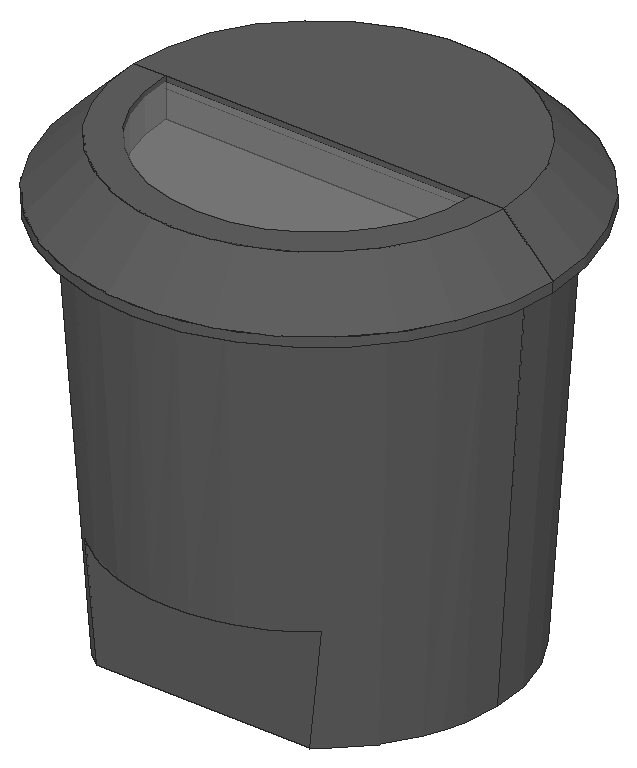
Revit family "EL817", category Lighting Fixtures, host Face, Revit 2013
Parameters (values of type "EL817-9L-3k")
  zz Angle = 89.00°
  Wattage = 10.4 W
  Watt = 10.4 W
  built-in parameter 1150110 = 1 (stored number, unit not read)
  Voltage = 120 V
  Wattage Comments = "5-10 W"
  URL = "http://www.kimlighting.com/"
  built-in parameter 1114217 = 1 (stored number, unit not read)
  Tilt Angle = 90.00°
  built-in parameter 1150109 = 1 (stored number, unit not read)
  built-in parameter 1150134 = (empty or 0)
  built-in parameter 1150113 = 1 (stored number, unit not read)
  Product Page URL = "http://www.kimlighting.com/products/step_light_round"
  Product Documentation Link = "http://www.kimlighting.com/content/products/specs/specs_files/kl_el817_spec.pdf"
  Power factor = 1
  Photometric Web File = "el817-9l3k.ies"
  Photometric Link = "http://www.kimlighting.com/products/step_light_round"
  Model = "EL817"  # constant formula
  Manufacturer Phone = "626-968-5666"  # constant formula
  Manufacturer Fax = "626-369-2695"  # constant formula
  Manufacturer = "KIM Lighting"  # constant formula
  built-in parameter 1150105 = 122.93 (stored number, unit not read)
  Lumens = 1544.84 lm
  built-in parameter 1150115 = 1 (stored number, unit not read)
  Load Classification = Lighting
  built-in parameter 1150137 = (empty or 0)
  built-in parameter 1150139 = (empty or 0)
  built-in parameter 1150112 = 1 (stored number, unit not read)
  built-in parameter 1150114 = 1 (stored number, unit not read)
  Lamp = "9 LED"
  built-in parameter 1150132 = (empty or 0)
  built-in parameter 1150102 = (empty or 0)
  built-in parameter 1150107 = 3000 (stored number, unit not read)
  built-in parameter 1150138 = (empty or 0)
  built-in parameter 1150106 = 1.2293 (stored number, unit not read)
  Glass = Hubbell-White Glass
  Emit from Circle Diameter = 4.000"  # constant formula
  Emit Shape Visible in Rendering = no
  built-in parameter 1150104 = 13.8 (stored number, unit not read)
  Dimming Lamp Color Temperature Shift = <None>
  Description = "Step Light Round"  # constant formula
  Default Elevation = 48.000"
  Color Option = KL retrofit : Black
  Color Filter = 16777215
  built-in parameter 1114218 = 1 (stored number, unit not read)
  Backbox = Hubbell-Black
  built-in parameter 1150133 = 10 (stored number, unit not read)
  Apparent Load = 0 VA
Types (7): name | zz Angle | Wattage | Watt | Photometric Web File | built-in parameter 1150105 | Lumens | Lamp | built-in parameter 1150107 | built-in parameter 1150106
  (no name) | 89.00° | 10.4 W | 10.4 W | "el817-9l3k.ies" | 122.93 (stored number, unit not read) | 1544.84 lm | "9 LED" | 3000 (stored number, unit not read) | 1.2293 (stored number, unit not read)
  EL817-3L-3K | 179.00° | 5.3 W | 10 W | "el817-3l3k.ies" | 62.649 (stored number, unit not read) | 787.272 lm | "3 LED" | 3000 (stored number, unit not read) | 0.62649 (stored number, unit not read)
  EL817-3L-4k | 179.00° | 5.3 W | 5.3 W | "el817-3l4k.ies" | 62.649 (stored number, unit not read) | 787.272 lm | "3 LED" | 4200 (stored number, unit not read) | 0.62649 (stored number, unit not read)
  EL817-3L-5k | 179.00° | 5.3 W | 5.3 W | "el817-3l5k.ies" | 62.649 (stored number, unit not read) | 787.272 lm | "3 LED" | 5100 (stored number, unit not read) | 0.62649 (stored number, unit not read)
  EL817-9L-3k | 89.00° | 10.4 W | 10.4 W | "el817-9l3k.ies" | 122.93 (stored number, unit not read) | 1544.84 lm | "9 LED" | 3000 (stored number, unit not read) | 1.2293 (stored number, unit not read)
  EL817-9L-4K | 89.00° | 10.4 W | 10.4 W | "el817-9l4k.ies" | 122.93 (stored number, unit not read) | 1544.84 lm | "9 LED" | 4200 (stored number, unit not read) | 1.2293 (stored number, unit not read)
  EL817-9L-5K | 89.00° | 10.4 W | 10.4 W | "el817-9l5k.ies" | 122.93 (stored number, unit not read) | 1544.84 lm | "9 LED" | 5100 (stored number, unit not read) | 1.2293 (stored number, unit not read)
Reference planes (in)
  plane 1 "Center (Front/Back)": y = 0.03999
  plane 2: z = 0
  plane 3 "Center (Left/Right)": x = 1.66944
  plane 4: x = 4.16944
  plane 5: x = -0.83056
Dimensions and locks (in)
  locked: plane 5 to plane 4 at 5
  plane 5 to plane 3 "Center (Left/Right)" to plane 4 = 2.500" locked, 2.500" locked
  "zz Angle": angle plane 3 "Center (Left/Right)" to imposter light
  aligned and locked: plane 2 to host face
  aligned and locked: level to host face
Automatic sketch dimensions
  host sketch curve to host sketch curve = 96.000"  (x2)
Nested families (in)
  nested 1: "KL retrofit" at (3.71711, 0, 0), type <- "Color Option", type "Black"
Connectors (in)
  electrical at (1.66944, 0.03999, 0), driven by "Voltage", driven by "Apparent Load", driven by "Load Classification", driven by "Power factor"
    settings: on nested 1, index 1, voltage 120 V, apparent load 0 VA, apparent load phase1 0 VA, apparent load phase2 0 VA, apparent load phase3 0 VA, power factor 1, load classification "Lighting", number of poles 1, system type 30, power factor state 1, is connector primary yes, connector utility no, sub classification motor no, connector description "Lighting Connector"
Definition of nested family "KL retrofit"
  Parameters (values of type "Verde Green")
    Wattage Comments = ""
    URL = ""
    Row Size = 26.600"
    Row Length = 51.810"
    Product Page URL = ""
    Product Documentation Link = ""
    Model = ""
    Manufacturer Phone = ""
    Manufacturer Fax = ""
    Manufacturer = ""
    Lamp = ""
    Glass = Hubbell-White Glass
    Description = ""
    Default Elevation = 48.000"
    Backbox = Hubbell Verde Green
  Types (3): name | Backbox
    Black | Hubbell-Black
    Dark Bronze | Hubbell-Dark Bronze
    Verde Green | Hubbell Verde Green
  Reference planes (in)
    plane 1 "Center (Front/Back)": y = 0.03999
    plane 2: z = 0
    plane 3 "Center (Left/Right)": x = -2.04767
    plane 4: x = -5.04767
    plane 5: x = 0.95233
    plane 6: y = 3.18999
    plane 7: y = -3.11001
    plane 8: z = 0.75
    plane 9: z = -5
    plane 10: x = 0.26483
    plane 11: x = -4.36017
  Forms (in)
    Extrusion 1, solid
      sketch origin (0, 0, 0.06357) x (1, 0, 0) y (0, 1, 0)
        loop
          line (-50.04767, 48) -> (-50.04767, -48) -> (45.95233, -48) -> (45.95233, 48) -> (-50.04767, 48)
      from -0.06357 to -6.06357
    Revolve 2, solid, material "Hubbell Verde Green" <- "Backbox"
      sketch origin (0, 0.03999, 0) x (1, 0, 0) y (0, 0, 1)
        loop
          line (-2.04767, 0.75) -> (-4.41835, 0.75) -> (-5.04767, 0.12068) -> (-5.04767, 0) -> (-4.70018, 0) -> (-4.34955, -5) -> (-2.04767, -5) -> (-2.04767, -3.5) -> (-4.01821, -3.5) -> (-4.26365, 0) -> (-2.04767, 0) -> (-2.04767, 0.75)
        axis (-2.04767, 0.75) -> (-2.04767, -5)
      angle from 0 to 360
    Extrusion 3, void
      sketch origin (-2.04767, 0.03999, 0.75) x (-1, 0, 0) y (0, 1, 0)
        loop
          line (1.97054, 0) -> (-1.97054, 0)
          arc (-1.97054, 0) -> (0, -1.97054) -> (1.97054, 0) r 1.97054
      from 0 to 0.49121
    Extrusion 4, solid, material "Hubbell-White Glass" <- "Glass"
      sketch origin (-2.04767, 0.03999, 0.75) x (0, 1, 0) y (-1, 0, 0)
        loop
          line (0, -2.25132) -> (0, 2.25132)
          arc (0, 2.25132) -> (-2.25132, 0) -> (0, -2.25132) r 2.25132
      from -0.06019 to -0.1397
    Extrusion 5, void
      sketch origin (-2.04767, 0, 0) x (0, 1, 0) y (0, 0, 1)
        loop
          line (-2.43784, -5.25) -> (-1.81284, -5.25) -> (-1.81284, -3.6091) -> (-2.43784, -3.6091) -> (-2.43784, -5.25)
      from -3 to 3
  Cuts and joins
    Extrusion 3, Extrusion 5 cuts Revolve 2
  Dimensions and locks (in)
    plane 6 to plane 7 = 6.300"  (x2)
    plane 4 to plane 3 "Center (Left/Right)" to plane 5 = 3.000", 3.000"  (x2)
    plane 4 to plane 5 = 6.000"  (x2)
    plane 1 "Center (Front/Back)" to plane 6 = 3.150"
    plane 8 to Extrusion 1 = 0.750"
    Extrusion 1 to plane 9 = 5.000"
    plane 10 to plane 3 "Center (Left/Right)" = 2.3125"
    aligned and locked: plane 2 to Extrusion 1
    aligned and locked: level to Extrusion 1
    aligned and locked: Revolve 2 sketch curve to plane 3 "Center (Left/Right)"
    aligned and locked: Extrusion 3 sketch curve to Revolve 2
